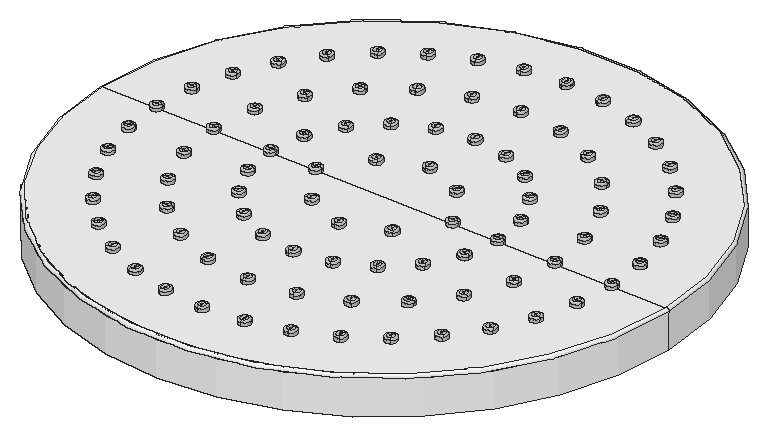
Revit family "Reece_Shower_Nikles_Fresh_Overhead Shower_200 mm", category Plumbing Fixtures, host Face, Revit 2018
Family settings
  Host = Face
  Round Connector Dimension = Use Diameter
  Part Type = Normal
  Cut with Voids When Loaded = No
  Shared = Yes
  Room Calculation Point = Yes
Parameters (values of type "Chrome")
  WFU = 0  # constant formula
  URL = "https://www.reece.com.au/product/-9503925"
  Type Comments = "Shower"
  Reece_Tap_Inlet = 12 mm  # constant formula
  Reece_Product_Web Page = "https://www.reece.com.au/product/-9503925"
  Reece_Product_Type = "Shower"  # constant formula
  Reece_Product_Sub Brand = "Fresh"  # constant formula
  Reece_Product_Number = "9503925"
  Reece_Product_Mount = "Ceiling Mounted"
  Reece_Product_Description = "Nikles Fresh Round Overhead Shower 200mm Chrome (3 Star)"  # constant formula
  Reece_Product_Brand = "Nikles"  # constant formula
  Reece_Overall_Height = 49 mm  # constant formula
  Reece_Overall_Diameter = 200 mm  # constant formula
  Reece_Material_Secondary = Reece_Plastic_White
  Reece_Material_Main = Reece_Brass_Chrome
  Reece_Detail_Shape = "Round"  # constant formula
  Reece_Detail_Function = ""
  Reece_Detail_Disclaimer = "THIS FILE IS THE PROPERTY OF THE REECE GROUP. IT MAY NOT BE REPRODUCED, REVERSE-ENGINEERED OR MODIFIED. ANY REPUBLICATION, TRANSMISSION OR DISTRIBUTION FOR THE PURPOSE OF COMMERCIALLY EXPLOITING THE FILES IS PROHIBITED."  # constant formula
  Reece_Detail_Additional = "Overhead Shower"  # constant formula
  Model = "Fresh"
  Manufacturer = "Nikles"
  Keynote = "Product #9503925, Reece_Shower_Nikles_Fresh_Overhead Shower_200 mm - Chrome"
  HWFU = 0  # constant formula
  Disclaimer = "THIS FILE IS THE PROPERTY OF THE REECE GROUP. IT MAY NOT BE REPRODUCED, REVERSE-ENGINEERED OR MODIFIED. ANY REPUBLICATION, TRANSMISSION OR DISTRIBUTION FOR THE PURPOSE OF COMMERCIALLY EXPLOITING THE FILES IS PROHIBITED."  # constant formula
  Description = "Nikles Fresh Round Overhead Shower 200mm Chrome (3 Star)"
  Default Elevation = 0 mm
  CWFU = 0  # constant formula
Reference planes
  plane 1 "Center (Front/Back)": y = 0
  plane 2: z = 0
  plane 3 "Center (Left/Right)": x = 0
  plane 4 "surface": z = 49
  plane 5: x = -100
  plane 6: y = 100
  plane 7: y = -100
  plane 8: x = 100
  plane 9: z = 36
  plane 10: x = 10
Forms (mm)
  Revolve 1, solid, material "Reece_Brass_Chrome" <- "Reece_Material_Main"
    sketch origin (0, 0, 0) x (1, 0, 0) y (0, 0, 1)
      loop
        line (9.4, 0) -> (11.4, 0) -> (11.4, 13.049) -> (9.4, 15.049) -> (9.4, 19) -> (10.524, 20.8) -> (16.5, 20.8)
        arc (16.5, 20.8) -> (17.207, 21.093) -> (17.5, 21.8) r 1
        line (17.5, 21.8) -> (17.5, 36) -> (100, 36) -> (100, 48)
        arc (100, 48) -> (99.707, 48.707) -> (99, 49) r 1
        line (99, 49) -> (0, 49) -> (0, 5) -> (9.4, 5) -> (9.4, 0)
      axis (0, 49) -> (0, 0)
    angle from 0 to 360
  Extrusion 2, void
    sketch origin (0, 0, 0) x (1, 0, 0) y (0, 1, 0)
      loop
        line (-13.134, 4.602) -> (-13.134, -3.985) -> (-10.681, -3.985) -> (-10.681, 4.602) -> (-13.134, 4.602)
      loop
        line (13.134, 4.74) -> (10.681, 4.74) -> (10.681, -4.481) -> (13.134, -4.481) -> (13.134, 4.74)
    from 10.804 to 16.673
Cuts and joins
  Extrusion 2 cuts Revolve 1
Text (mm)
  text "Reece Copyright © 2018, Reece Ltd." at (-266.389, -268.655, 0), in view "Ref. Level"
  text "Reece ©" at (290.323, 26.521, 334.836), in view "Reece_Preview"
Dimensions and locks
  "Reece_Overall_Height": plane 4 "surface" to plane 2
  equal spacing: plane 7, plane 1 "Center (Front/Back)", plane 6
  "Reece_Overall_Diameter": plane 7 to plane 6
  aligned and locked: plane 2 to host face
  aligned and locked: level to host face
Automatic sketch dimensions
  host sketch curve to host sketch curve = 407.898 mm
  host sketch curve to host sketch curve = 410.737 mm
  plane 1 "Center (Front/Back)" to Extrusion 2 sketch curve = 4.481 mm
  plane 1 "Center (Front/Back)" to Extrusion 2 sketch curve = 3.985 mm
  Extrusion 2 sketch curve to plane 1 "Center (Front/Back)" = 4.74 mm
  Extrusion 2 sketch curve to plane 1 "Center (Front/Back)" = 4.602 mm
  Extrusion 2 sketch curve to plane 3 "Center (Left/Right)" = 10.681 mm
  Extrusion 2 sketch curve to Extrusion 2 sketch curve = 2.453 mm  (x2)
  plane 3 "Center (Left/Right)" to Extrusion 2 sketch curve = 10.681 mm
  Revolve 1 sketch curve to level = 0 mm
  plane 3 "Center (Left/Right)" to Revolve 1 sketch curve = 9.4 mm  (x2)
  Revolve 1 sketch curve to plane 3 "Center (Left/Right)" = 0 mm  (x2)
  Revolve 1 sketch curve to plane 9 = 0 mm
  Revolve 1 sketch curve to plane 4 "surface" = 0 mm
  plane 8 to Revolve 1 sketch curve = 0 mm
  Revolve 1 sketch curve to Revolve 1 sketch curve = 1.124 mm
  Revolve 1 sketch curve to Revolve 1 sketch curve = 5.976 mm
  Revolve 1 sketch curve to Revolve 1 sketch curve = 1 mm  (x2)
  Revolve 1 sketch curve to plane 4 "surface" = 1 mm
  Revolve 1 sketch curve to Revolve 1 sketch curve = 13.049 mm
  Revolve 1 sketch curve to Revolve 1 sketch curve = 2 mm  (x2)
  Revolve 1 sketch curve to Revolve 1 sketch curve = 3.951 mm
  Revolve 1 sketch curve to Revolve 1 sketch curve = 1.8 mm
  Revolve 1 sketch curve to Revolve 1 sketch curve = 5 mm
  Revolve 1 sketch curve to Revolve 1 sketch curve = 3 mm
Nested families
  nested 1: "Nikles_Nozzle_Nested" at (0, 40, 49), Reece_Material_Secondary <- "Reece_Material_Secondary", type "Nikles_Noozle_Nested"
    with Reece_Material_Secondary Reece_Plastic_White
  nested 2: "Nikles_Nozzle_Nested" at (0, 60, 49), Reece_Material_Secondary <- "Reece_Material_Secondary", type "Nikles_Noozle_Nested"
    with Reece_Material_Secondary Reece_Plastic_White
  nested 3: "Nikles_Nozzle_Nested" at (0, 80, 49), Reece_Material_Secondary <- "Reece_Material_Secondary", type "Nikles_Noozle_Nested"
    with Reece_Material_Secondary Reece_Plastic_White
  nested 4: "Nikles_Nozzle_Nested" at (-40, 0, 49) x (0, 1, 0) z (0, 0, 1), Reece_Material_Secondary <- "Reece_Material_Secondary", type "Nikles_Noozle_Nested"
    with Reece_Material_Secondary Reece_Plastic_White
  nested 5: "Nikles_Nozzle_Nested" at (-60, 0, 49) x (0, 1, 0) z (0, 0, 1), Reece_Material_Secondary <- "Reece_Material_Secondary", type "Nikles_Noozle_Nested"
    with Reece_Material_Secondary Reece_Plastic_White
  nested 6: "Nikles_Nozzle_Nested" at (-80, 0, 49) x (0, 1, 0) z (0, 0, 1), Reece_Material_Secondary <- "Reece_Material_Secondary", type "Nikles_Noozle_Nested"
    with Reece_Material_Secondary Reece_Plastic_White
  nested 7: "Nikles_Nozzle_Nested" at (-42.426, 42.426, 49) x (0, 1, 0) z (0, 0, 1), Reece_Material_Secondary <- "Reece_Material_Secondary", type "Nikles_Noozle_Nested"
    with Reece_Material_Secondary Reece_Plastic_White
  nested 8: "Nikles_Nozzle_Nested" at (-78.785, 13.892, 49) x (0.1736, 0.9848, 0) z (0, 0, 1), Reece_Material_Secondary <- "Reece_Material_Secondary", type "Nikles_Noozle_Nested"
    with Reece_Material_Secondary Reece_Plastic_White
  nested 9: "Nikles_Nozzle_Nested" at (-75.175, 27.362, 49) x (0.342, 0.9397, 0) z (0, 0, 1), Reece_Material_Secondary <- "Reece_Material_Secondary", type "Nikles_Noozle_Nested"
    with Reece_Material_Secondary Reece_Plastic_White
  nested 10: "Nikles_Nozzle_Nested" at (-69.282, 40, 49) x (0.5, 0.866, 0) z (0, 0, 1), Reece_Material_Secondary <- "Reece_Material_Secondary", type "Nikles_Noozle_Nested"
    with Reece_Material_Secondary Reece_Plastic_White
  nested 11: "Nikles_Nozzle_Nested" at (-61.284, 51.423, 49) x (0.6428, 0.766, 0) z (0, 0, 1), Reece_Material_Secondary <- "Reece_Material_Secondary", type "Nikles_Noozle_Nested"
    with Reece_Material_Secondary Reece_Plastic_White
  nested 12: "Nikles_Nozzle_Nested" at (-51.423, 61.284, 49) x (0.766, 0.6428, 0) z (0, 0, 1), Reece_Material_Secondary <- "Reece_Material_Secondary", type "Nikles_Noozle_Nested"
    with Reece_Material_Secondary Reece_Plastic_White
  nested 13: "Nikles_Nozzle_Nested" at (-40, 69.282, 49) x (0.866, 0.5, 0) z (0, 0, 1), Reece_Material_Secondary <- "Reece_Material_Secondary", type "Nikles_Noozle_Nested"
    with Reece_Material_Secondary Reece_Plastic_White
  nested 14: "Nikles_Nozzle_Nested" at (-27.362, 75.175, 49) x (0.9397, 0.342, 0) z (0, 0, 1), Reece_Material_Secondary <- "Reece_Material_Secondary", type "Nikles_Noozle_Nested"
    with Reece_Material_Secondary Reece_Plastic_White
  nested 15: "Nikles_Nozzle_Nested" at (-13.892, 78.785, 49) x (0.9848, 0.1736, 0) z (0, 0, 1), Reece_Material_Secondary <- "Reece_Material_Secondary", type "Nikles_Noozle_Nested"
    with Reece_Material_Secondary Reece_Plastic_White
  nested 16: "Nikles_Nozzle_Nested" at (-57.956, 15.529, 49) x (0.2588, 0.9659, 0) z (0, 0, 1), Reece_Material_Secondary <- "Reece_Material_Secondary", type "Nikles_Noozle_Nested"
    with Reece_Material_Secondary Reece_Plastic_White
  nested 17: "Nikles_Nozzle_Nested" at (-51.962, 30, 49) x (0.5, 0.866, 0) z (0, 0, 1), Reece_Material_Secondary <- "Reece_Material_Secondary", type "Nikles_Noozle_Nested"
    with Reece_Material_Secondary Reece_Plastic_White
  nested 18: "Nikles_Nozzle_Nested" at (-15.529, 57.956, 49) x (-0.9659, -0.2588, 0) z (0, 0, 1), Reece_Material_Secondary <- "Reece_Material_Secondary", type "Nikles_Noozle_Nested"
    with Reece_Material_Secondary Reece_Plastic_White
  nested 19: "Nikles_Nozzle_Nested" at (-30, 51.962, 49) x (-0.866, -0.5, 0) z (0, 0, 1), Reece_Material_Secondary <- "Reece_Material_Secondary", type "Nikles_Noozle_Nested"
    with Reece_Material_Secondary Reece_Plastic_White
  nested 20: "Nikles_Nozzle_Nested" at (-38.042, 12.361, 49) x (0.309, 0.9511, 0) z (0, 0, 1), Reece_Material_Secondary <- "Reece_Material_Secondary", type "Nikles_Noozle_Nested"
    with Reece_Material_Secondary Reece_Plastic_White
  nested 21: "Nikles_Nozzle_Nested" at (-32.361, 23.511, 49) x (0.5878, 0.809, 0) z (0, 0, 1), Reece_Material_Secondary <- "Reece_Material_Secondary", type "Nikles_Noozle_Nested"
    with Reece_Material_Secondary Reece_Plastic_White
  nested 22: "Nikles_Nozzle_Nested" at (-23.511, 32.361, 49) x (0.809, 0.5878, 0) z (0, 0, 1), Reece_Material_Secondary <- "Reece_Material_Secondary", type "Nikles_Noozle_Nested"
    with Reece_Material_Secondary Reece_Plastic_White
  nested 23: "Nikles_Nozzle_Nested" at (-12.361, 38.042, 49) x (0.9511, 0.309, 0) z (0, 0, 1), Reece_Material_Secondary <- "Reece_Material_Secondary", type "Nikles_Noozle_Nested"
    with Reece_Material_Secondary Reece_Plastic_White
  nested 24: "Nikles_Nozzle_Nested" at (0, 20, 49), Reece_Material_Secondary <- "Reece_Material_Secondary", type "Nikles_Noozle_Nested"
    with Reece_Material_Secondary Reece_Plastic_White
  nested 25: "Nikles_Nozzle_Nested" at (-14.142, 14.142, 49) x (0.7071, 0.7071, 0) z (0, 0, 1), Reece_Material_Secondary <- "Reece_Material_Secondary", type "Nikles_Noozle_Nested"
    with Reece_Material_Secondary Reece_Plastic_White
  nested 26: "Nikles_Nozzle_Nested" at (42.426, 42.426, 49) x (0, 1, 0) z (0, 0, 1), Reece_Material_Secondary <- "Reece_Material_Secondary", type "Nikles_Noozle_Nested"
    with Reece_Material_Secondary Reece_Plastic_White
  nested 27: "Nikles_Nozzle_Nested" at (78.785, 13.892, 49) x (-0.1736, 0.9848, 0) z (0, 0, 1), Reece_Material_Secondary <- "Reece_Material_Secondary", type "Nikles_Noozle_Nested"
    with Reece_Material_Secondary Reece_Plastic_White
  nested 28: "Nikles_Nozzle_Nested" at (75.175, 27.362, 49) x (-0.342, 0.9397, 0) z (0, 0, 1), Reece_Material_Secondary <- "Reece_Material_Secondary", type "Nikles_Noozle_Nested"
    with Reece_Material_Secondary Reece_Plastic_White
  nested 29: "Nikles_Nozzle_Nested" at (69.282, 40, 49) x (-0.5, 0.866, 0) z (0, 0, 1), Reece_Material_Secondary <- "Reece_Material_Secondary", type "Nikles_Noozle_Nested"
    with Reece_Material_Secondary Reece_Plastic_White
  nested 30: "Nikles_Nozzle_Nested" at (61.284, 51.423, 49) x (-0.6428, 0.766, 0) z (0, 0, 1), Reece_Material_Secondary <- "Reece_Material_Secondary", type "Nikles_Noozle_Nested"
    with Reece_Material_Secondary Reece_Plastic_White
  nested 31: "Nikles_Nozzle_Nested" at (51.423, 61.284, 49) x (-0.766, 0.6428, 0) z (0, 0, 1), Reece_Material_Secondary <- "Reece_Material_Secondary", type "Nikles_Noozle_Nested"
    with Reece_Material_Secondary Reece_Plastic_White
  nested 32: "Nikles_Nozzle_Nested" at (40, 69.282, 49) x (-0.866, 0.5, 0) z (0, 0, 1), Reece_Material_Secondary <- "Reece_Material_Secondary", type "Nikles_Noozle_Nested"
    with Reece_Material_Secondary Reece_Plastic_White
  nested 33: "Nikles_Nozzle_Nested" at (27.362, 75.175, 49) x (-0.9397, 0.342, 0) z (0, 0, 1), Reece_Material_Secondary <- "Reece_Material_Secondary", type "Nikles_Noozle_Nested"
    with Reece_Material_Secondary Reece_Plastic_White
  nested 34: "Nikles_Nozzle_Nested" at (13.892, 78.785, 49) x (-0.9848, 0.1736, 0) z (0, 0, 1), Reece_Material_Secondary <- "Reece_Material_Secondary", type "Nikles_Noozle_Nested"
    with Reece_Material_Secondary Reece_Plastic_White
  nested 35: "Nikles_Nozzle_Nested" at (57.956, 15.529, 49) x (-0.2588, 0.9659, 0) z (0, 0, 1), Reece_Material_Secondary <- "Reece_Material_Secondary", type "Nikles_Noozle_Nested"
    with Reece_Material_Secondary Reece_Plastic_White
  nested 36: "Nikles_Nozzle_Nested" at (51.962, 30, 49) x (-0.5, 0.866, 0) z (0, 0, 1), Reece_Material_Secondary <- "Reece_Material_Secondary", type "Nikles_Noozle_Nested"
    with Reece_Material_Secondary Reece_Plastic_White
  nested 37: "Nikles_Nozzle_Nested" at (15.529, 57.956, 49) x (0.9659, -0.2588, 0) z (0, 0, 1), Reece_Material_Secondary <- "Reece_Material_Secondary", type "Nikles_Noozle_Nested"
    with Reece_Material_Secondary Reece_Plastic_White
  nested 38: "Nikles_Nozzle_Nested" at (30, 51.962, 49) x (0.866, -0.5, 0) z (0, 0, 1), Reece_Material_Secondary <- "Reece_Material_Secondary", type "Nikles_Noozle_Nested"
    with Reece_Material_Secondary Reece_Plastic_White
  nested 39: "Nikles_Nozzle_Nested" at (38.042, 12.361, 49) x (-0.309, 0.9511, 0) z (0, 0, 1), Reece_Material_Secondary <- "Reece_Material_Secondary", type "Nikles_Noozle_Nested"
    with Reece_Material_Secondary Reece_Plastic_White
  nested 40: "Nikles_Nozzle_Nested" at (32.361, 23.511, 49) x (-0.5878, 0.809, 0) z (0, 0, 1), Reece_Material_Secondary <- "Reece_Material_Secondary", type "Nikles_Noozle_Nested"
    with Reece_Material_Secondary Reece_Plastic_White
  nested 41: "Nikles_Nozzle_Nested" at (23.511, 32.361, 49) x (-0.809, 0.5878, 0) z (0, 0, 1), Reece_Material_Secondary <- "Reece_Material_Secondary", type "Nikles_Noozle_Nested"
    with Reece_Material_Secondary Reece_Plastic_White
  nested 42: "Nikles_Nozzle_Nested" at (12.361, 38.042, 49) x (-0.9511, 0.309, 0) z (0, 0, 1), Reece_Material_Secondary <- "Reece_Material_Secondary", type "Nikles_Noozle_Nested"
    with Reece_Material_Secondary Reece_Plastic_White
  nested 43: "Nikles_Nozzle_Nested" at (14.142, 14.142, 49) x (-0.7071, 0.7071, 0) z (0, 0, 1), Reece_Material_Secondary <- "Reece_Material_Secondary", type "Nikles_Noozle_Nested"
    with Reece_Material_Secondary Reece_Plastic_White
  nested 44: "Nikles_Nozzle_Nested" at (40, 0, 49) x (0, 1, 0) z (0, 0, 1), Reece_Material_Secondary <- "Reece_Material_Secondary", type "Nikles_Noozle_Nested"
    with Reece_Material_Secondary Reece_Plastic_White
  nested 45: "Nikles_Nozzle_Nested" at (60, 0, 49) x (0, 1, 0) z (0, 0, 1), Reece_Material_Secondary <- "Reece_Material_Secondary", type "Nikles_Noozle_Nested"
    with Reece_Material_Secondary Reece_Plastic_White
  nested 46: "Nikles_Nozzle_Nested" at (80, 0, 49) x (0, 1, 0) z (0, 0, 1), Reece_Material_Secondary <- "Reece_Material_Secondary", type "Nikles_Noozle_Nested"
    with Reece_Material_Secondary Reece_Plastic_White
  nested 47: "Nikles_Nozzle_Nested" at (0, -40, 49), Reece_Material_Secondary <- "Reece_Material_Secondary", type "Nikles_Noozle_Nested"
    with Reece_Material_Secondary Reece_Plastic_White
  nested 48: "Nikles_Nozzle_Nested" at (0, -60, 49), Reece_Material_Secondary <- "Reece_Material_Secondary", type "Nikles_Noozle_Nested"
    with Reece_Material_Secondary Reece_Plastic_White
  nested 49: "Nikles_Nozzle_Nested" at (0, -80, 49), Reece_Material_Secondary <- "Reece_Material_Secondary", type "Nikles_Noozle_Nested"
    with Reece_Material_Secondary Reece_Plastic_White
  nested 50: "Nikles_Nozzle_Nested" at (-42.426, -42.426, 49) x (0, -1, 0) z (0, 0, 1), Reece_Material_Secondary <- "Reece_Material_Secondary", type "Nikles_Noozle_Nested"
    with Reece_Material_Secondary Reece_Plastic_White
  nested 51: "Nikles_Nozzle_Nested" at (-78.785, -13.892, 49) x (0.1736, -0.9848, 0) z (0, 0, 1), Reece_Material_Secondary <- "Reece_Material_Secondary", type "Nikles_Noozle_Nested"
    with Reece_Material_Secondary Reece_Plastic_White
  nested 52: "Nikles_Nozzle_Nested" at (-75.175, -27.362, 49) x (0.342, -0.9397, 0) z (0, 0, 1), Reece_Material_Secondary <- "Reece_Material_Secondary", type "Nikles_Noozle_Nested"
    with Reece_Material_Secondary Reece_Plastic_White
  nested 53: "Nikles_Nozzle_Nested" at (-69.282, -40, 49) x (0.5, -0.866, 0) z (0, 0, 1), Reece_Material_Secondary <- "Reece_Material_Secondary", type "Nikles_Noozle_Nested"
    with Reece_Material_Secondary Reece_Plastic_White
  nested 54: "Nikles_Nozzle_Nested" at (-61.284, -51.423, 49) x (0.6428, -0.766, 0) z (0, 0, 1), Reece_Material_Secondary <- "Reece_Material_Secondary", type "Nikles_Noozle_Nested"
    with Reece_Material_Secondary Reece_Plastic_White
  nested 55: "Nikles_Nozzle_Nested" at (-51.423, -61.284, 49) x (0.766, -0.6428, 0) z (0, 0, 1), Reece_Material_Secondary <- "Reece_Material_Secondary", type "Nikles_Noozle_Nested"
    with Reece_Material_Secondary Reece_Plastic_White
  nested 56: "Nikles_Nozzle_Nested" at (-40, -69.282, 49) x (0.866, -0.5, 0) z (0, 0, 1), Reece_Material_Secondary <- "Reece_Material_Secondary", type "Nikles_Noozle_Nested"
    with Reece_Material_Secondary Reece_Plastic_White
  nested 57: "Nikles_Nozzle_Nested" at (-27.362, -75.175, 49) x (0.9397, -0.342, 0) z (0, 0, 1), Reece_Material_Secondary <- "Reece_Material_Secondary", type "Nikles_Noozle_Nested"
    with Reece_Material_Secondary Reece_Plastic_White
  nested 58: "Nikles_Nozzle_Nested" at (-13.892, -78.785, 49) x (0.9848, -0.1736, 0) z (0, 0, 1), Reece_Material_Secondary <- "Reece_Material_Secondary", type "Nikles_Noozle_Nested"
    with Reece_Material_Secondary Reece_Plastic_White
  nested 59: "Nikles_Nozzle_Nested" at (-57.956, -15.529, 49) x (0.2588, -0.9659, 0) z (0, 0, 1), Reece_Material_Secondary <- "Reece_Material_Secondary", type "Nikles_Noozle_Nested"
    with Reece_Material_Secondary Reece_Plastic_White
  nested 60: "Nikles_Nozzle_Nested" at (-51.962, -30, 49) x (0.5, -0.866, 0) z (0, 0, 1), Reece_Material_Secondary <- "Reece_Material_Secondary", type "Nikles_Noozle_Nested"
    with Reece_Material_Secondary Reece_Plastic_White
  nested 61: "Nikles_Nozzle_Nested" at (-15.529, -57.956, 49) x (-0.9659, 0.2588, 0) z (0, 0, 1), Reece_Material_Secondary <- "Reece_Material_Secondary", type "Nikles_Noozle_Nested"
    with Reece_Material_Secondary Reece_Plastic_White
  nested 62: "Nikles_Nozzle_Nested" at (-30, -51.962, 49) x (-0.866, 0.5, 0) z (0, 0, 1), Reece_Material_Secondary <- "Reece_Material_Secondary", type "Nikles_Noozle_Nested"
    with Reece_Material_Secondary Reece_Plastic_White
  nested 63: "Nikles_Nozzle_Nested" at (-38.042, -12.361, 49) x (0.309, -0.9511, 0) z (0, 0, 1), Reece_Material_Secondary <- "Reece_Material_Secondary", type "Nikles_Noozle_Nested"
    with Reece_Material_Secondary Reece_Plastic_White
  nested 64: "Nikles_Nozzle_Nested" at (-32.361, -23.511, 49) x (0.5878, -0.809, 0) z (0, 0, 1), Reece_Material_Secondary <- "Reece_Material_Secondary", type "Nikles_Noozle_Nested"
    with Reece_Material_Secondary Reece_Plastic_White
  nested 65: "Nikles_Nozzle_Nested" at (-23.511, -32.361, 49) x (0.809, -0.5878, 0) z (0, 0, 1), Reece_Material_Secondary <- "Reece_Material_Secondary", type "Nikles_Noozle_Nested"
    with Reece_Material_Secondary Reece_Plastic_White
  nested 66: "Nikles_Nozzle_Nested" at (-12.361, -38.042, 49) x (0.9511, -0.309, 0) z (0, 0, 1), Reece_Material_Secondary <- "Reece_Material_Secondary", type "Nikles_Noozle_Nested"
    with Reece_Material_Secondary Reece_Plastic_White
  nested 67: "Nikles_Nozzle_Nested" at (0, -20, 49), Reece_Material_Secondary <- "Reece_Material_Secondary", type "Nikles_Noozle_Nested"
    with Reece_Material_Secondary Reece_Plastic_White
  nested 68: "Nikles_Nozzle_Nested" at (-14.142, -14.142, 49) x (0.7071, -0.7071, 0) z (0, 0, 1), Reece_Material_Secondary <- "Reece_Material_Secondary", type "Nikles_Noozle_Nested"
    with Reece_Material_Secondary Reece_Plastic_White
  nested 69: "Nikles_Nozzle_Nested" at (42.426, -42.426, 49) x (0, -1, 0) z (0, 0, 1), Reece_Material_Secondary <- "Reece_Material_Secondary", type "Nikles_Noozle_Nested"
    with Reece_Material_Secondary Reece_Plastic_White
  nested 70: "Nikles_Nozzle_Nested" at (78.785, -13.892, 49) x (-0.1736, -0.9848, 0) z (0, 0, 1), Reece_Material_Secondary <- "Reece_Material_Secondary", type "Nikles_Noozle_Nested"
    with Reece_Material_Secondary Reece_Plastic_White
  nested 71: "Nikles_Nozzle_Nested" at (75.175, -27.362, 49) x (-0.342, -0.9397, 0) z (0, 0, 1), Reece_Material_Secondary <- "Reece_Material_Secondary", type "Nikles_Noozle_Nested"
    with Reece_Material_Secondary Reece_Plastic_White
  nested 72: "Nikles_Nozzle_Nested" at (69.282, -40, 49) x (-0.5, -0.866, 0) z (0, 0, 1), Reece_Material_Secondary <- "Reece_Material_Secondary", type "Nikles_Noozle_Nested"
    with Reece_Material_Secondary Reece_Plastic_White
  nested 73: "Nikles_Nozzle_Nested" at (61.284, -51.423, 49) x (-0.6428, -0.766, 0) z (0, 0, 1), Reece_Material_Secondary <- "Reece_Material_Secondary", type "Nikles_Noozle_Nested"
    with Reece_Material_Secondary Reece_Plastic_White
  nested 74: "Nikles_Nozzle_Nested" at (51.423, -61.284, 49) x (-0.766, -0.6428, 0) z (0, 0, 1), Reece_Material_Secondary <- "Reece_Material_Secondary", type "Nikles_Noozle_Nested"
    with Reece_Material_Secondary Reece_Plastic_White
  nested 75: "Nikles_Nozzle_Nested" at (40, -69.282, 49) x (-0.866, -0.5, 0) z (0, 0, 1), Reece_Material_Secondary <- "Reece_Material_Secondary", type "Nikles_Noozle_Nested"
    with Reece_Material_Secondary Reece_Plastic_White
  nested 76: "Nikles_Nozzle_Nested" at (27.362, -75.175, 49) x (-0.9397, -0.342, 0) z (0, 0, 1), Reece_Material_Secondary <- "Reece_Material_Secondary", type "Nikles_Noozle_Nested"
    with Reece_Material_Secondary Reece_Plastic_White
  nested 77: "Nikles_Nozzle_Nested" at (13.892, -78.785, 49) x (-0.9848, -0.1736, 0) z (0, 0, 1), Reece_Material_Secondary <- "Reece_Material_Secondary", type "Nikles_Noozle_Nested"
    with Reece_Material_Secondary Reece_Plastic_White
  nested 78: "Nikles_Nozzle_Nested" at (57.956, -15.529, 49) x (-0.2588, -0.9659, 0) z (0, 0, 1), Reece_Material_Secondary <- "Reece_Material_Secondary", type "Nikles_Noozle_Nested"
    with Reece_Material_Secondary Reece_Plastic_White
  nested 79: "Nikles_Nozzle_Nested" at (51.962, -30, 49) x (-0.5, -0.866, 0) z (0, 0, 1), Reece_Material_Secondary <- "Reece_Material_Secondary", type "Nikles_Noozle_Nested"
    with Reece_Material_Secondary Reece_Plastic_White
  nested 80: "Nikles_Nozzle_Nested" at (15.529, -57.956, 49) x (0.9659, 0.2588, 0) z (0, 0, 1), Reece_Material_Secondary <- "Reece_Material_Secondary", type "Nikles_Noozle_Nested"
    with Reece_Material_Secondary Reece_Plastic_White
  nested 81: "Nikles_Nozzle_Nested" at (30, -51.962, 49) x (0.866, 0.5, 0) z (0, 0, 1), Reece_Material_Secondary <- "Reece_Material_Secondary", type "Nikles_Noozle_Nested"
    with Reece_Material_Secondary Reece_Plastic_White
  nested 82: "Nikles_Nozzle_Nested" at (38.042, -12.361, 49) x (-0.309, -0.9511, 0) z (0, 0, 1), Reece_Material_Secondary <- "Reece_Material_Secondary", type "Nikles_Noozle_Nested"
    with Reece_Material_Secondary Reece_Plastic_White
  nested 83: "Nikles_Nozzle_Nested" at (32.361, -23.511, 49) x (-0.5878, -0.809, 0) z (0, 0, 1), Reece_Material_Secondary <- "Reece_Material_Secondary", type "Nikles_Noozle_Nested"
    with Reece_Material_Secondary Reece_Plastic_White
  nested 84: "Nikles_Nozzle_Nested" at (23.511, -32.361, 49) x (-0.809, -0.5878, 0) z (0, 0, 1), Reece_Material_Secondary <- "Reece_Material_Secondary", type "Nikles_Noozle_Nested"
    with Reece_Material_Secondary Reece_Plastic_White
  nested 85: "Nikles_Nozzle_Nested" at (12.361, -38.042, 49) x (-0.9511, -0.309, 0) z (0, 0, 1), Reece_Material_Secondary <- "Reece_Material_Secondary", type "Nikles_Noozle_Nested"
    with Reece_Material_Secondary Reece_Plastic_White
  nested 86: "Nikles_Nozzle_Nested" at (14.142, -14.142, 49) x (-0.7071, -0.7071, 0) z (0, 0, 1), Reece_Material_Secondary <- "Reece_Material_Secondary", type "Nikles_Noozle_Nested"
    with Reece_Material_Secondary Reece_Plastic_White
  nested 87: "Nikles_Nozzle_Nested" at (-24, 0, 49) x (0, 1, 0) z (0, 0, 1), Reece_Material_Secondary <- "Reece_Material_Secondary", type "Nikles_Noozle_Nested"
    with Reece_Material_Secondary Reece_Plastic_White
  nested 88: "Nikles_Nozzle_Nested" at (24, 0, 49) x (0, 1, 0) z (0, 0, 1), Reece_Material_Secondary <- "Reece_Material_Secondary", type "Nikles_Noozle_Nested"
    with Reece_Material_Secondary Reece_Plastic_White
Definition of nested family "Nikles_Nozzle_Nested"
  Parameters (values of type "Nikles_Nozzle_Nested")
    Reece_Material_Secondary [instance] = none
    Default Elevation = 0 mm
  Reference planes
    plane 1 "Center (Front/Back)": y = 0
    plane 2: z = 0
    plane 3 "Center (Left/Right)": x = 0
  Forms (mm)
    Extrusion 1, solid
      sketch origin (0, 0, 0) x (1, 0, 0) y (0, 1, 0)
        loop
          line (-9.945, 8.653) -> (-9.945, -8.495) -> (9.512, -8.495) -> (9.512, 8.653) -> (-9.945, 8.653)
      from 0 to -2
    Revolve 2, solid, material <- "Reece_Material_Secondary", detail levels fine
      sketch origin (0, -226.111, 0) x (0, 1, 0) y (0, 0, 1)
        loop
          line (228.063, 0) -> (228.063, 1)
          arc (228.063, 1) -> (227.917, 1.354) -> (227.563, 1.5) r 0.5
          line (227.563, 1.5) -> (226.363, 1.5) -> (226.363, 0) -> (228.063, 0)
        axis (226.111, 0) -> (226.111, 1.5)
      angle from 0 to 360
  Text (mm)
    text "Reece ©" at (671.782, -497.484, 486.721), in view "Reece_Preview"
  Dimensions and locks
    aligned and locked: plane 2 to Extrusion 1
    aligned and locked: level to Extrusion 1
